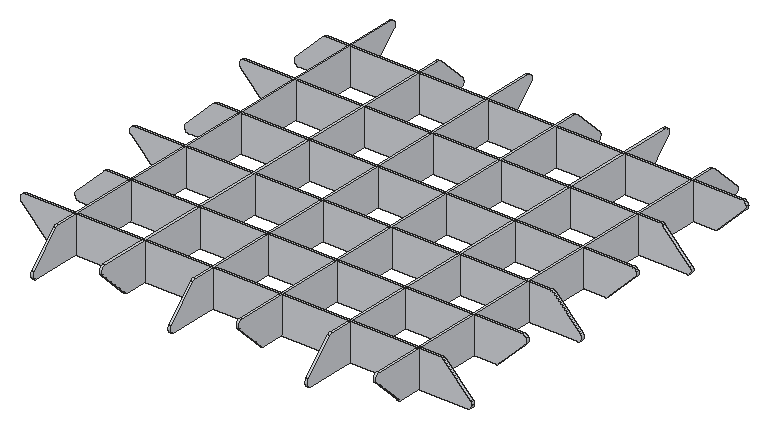
Revit family "J2 PET Felt Blade Cloud Grid B", category Specialty Equipment, Revit 2021
Family settings
  Round Connector Dimension = Use Diameter
  Part Type = Normal
  Work Plane-Based = No
  Always vertical = Yes
  Cut with Voids When Loaded = No
  Shared = No
  Room Calculation Point = No
Parameters (values of type "Blade Cloud Grid B - 8'x8'x8"")
  Nominal Width "Y" (Max. 8') = 8' - 0"
  URL = "https://www.j2systems.net/"
  Symbol Name = "CSCGBL-B"
  Style Number = "CSCGBL-B"
  Release Date = "2019"
  Product Line = "Ceiling System"
  Felt Color B [instance] = none
  Y2 [instance] = ((([Nominal Width "Y" (Max. 8')] - (Default End Spacing * 2)) / ([A Baffles in "Y" direction] * 2 - 1) + Default End Spacing))  # 2' - 2.175"
  X2 [instance] = ((([Nominal Length "X" (Max. 8')] - (Default End Spacing * 2)) / ([A Baffles in "X" direction] * 2 - 1) + Default End Spacing))  # 2' - 2.175"
  Default End Spacing = ([Baffle Height (Max. 3'-11")] * 1.5)  # 0' - 11 5/8"
  B Baffles in "Y" direction = [A Baffles in "Y" direction]  # 3
  A Baffles in "Y" direction = 3
  B Baffles in "X" direction = [A Baffles in "X" direction]  # 3
  A Baffles in "X" direction = 3
  Model = "Blade Cloud Grid B"
  Manufacturer = "J2 Systems"  # constant formula
  Nominal Length "X" (Max. 8') = 8' - 0"
  Felt Color A [instance] = none
  Default Elevation = 0' - 0"
  Baffle Spacing Y [instance] = 1' - 2.4"
  Baffle Spacing X [instance] = 1' - 2.4"
  Baffle Height (Max. 3'-11") = 0' - 7 3/4"
Types (2): name | Nominal Width "Y" (Max. 8') | Y2 | X2 | B Baffles in "Y" direction | A Baffles in "Y" direction | B Baffles in "X" direction | A Baffles in "X" direction | Nominal Length "X" (Max. 8') | Baffle Spacing Y | Baffle Spacing X
  Blade Cloud Grid B - 8'x8'x8" | 8' - 0" | 2' - 2.175" | 2' - 2.175" | 3 | 3 | 3 | 3 | 8' - 0" | 1' - 2.4" | 1' - 2.4"
  Blade Cloud Grid B - 6'x6'x8" | 6' - 0" | 2' - 3 7/8" | 2' - 3 7/8" | 2 | 2 | 2 | 2 | 6' - 0" | 1' - 0.6" | 1' - 0.6"
Reference planes (in)
  plane 1 "Center (Front/Back)": y = 0
  plane 2: z = 0
  plane 3 "Center (Left/Right)": x = 0
  plane 4: y = 48
  plane 5: y = -48
  plane 6: x = -48
  plane 7: x = 48
  plane 8 "Top Edge": z = 7.75
  plane 9: y = 36.375
  plane 10: y = -36.375
  plane 11 "Center L/S": z = 7
  plane 12: x = -36.375
  plane 13: x = 36.375
  plane 14: y = 21.825
  plane 15: y = -21.825
  plane 16: x = -21.825
  plane 17: x = 21.825
Dimensions and locks (in)
  equal spacing: plane 4, plane 1 "Center (Front/Back)", plane 5
  equal spacing: plane 6, plane 3 "Center (Left/Right)", plane 7
  "Nominal Length "X" (Max. 8')": plane 4 to plane 5
  "Nominal Width "Y" (Max. 8')": plane 6 to plane 7
  "Baffle Height (Max. 3'-11")": plane 8 "Top Edge" to level
  "Default End Spacing": plane 4 to plane 9
  "Default End Spacing": plane 10 to plane 5
  plane 8 "Top Edge" to plane 11 "Center L/S" = 0' - 0 3/4"
  "Default End Spacing": plane 6 to plane 12
  "Default End Spacing": plane 13 to plane 7
  "Y2": plane 6 to plane 16
  "Y2": plane 17 to plane 7
  "X2": plane 4 to plane 14
  "X2": plane 15 to plane 5
  equal spacing: group 1, group 9, group 2  (x3)
  equal spacing: group 3, group 10, group 4  (x3)
  equal spacing: group 5, group 11, group 6  (x3)
  equal spacing: group 7, group 12, group 8  (x3)
  aligned and locked: plane 2 to level
  aligned and locked: nested 1 to plane 10
  aligned and locked: nested 2 to plane 14
  aligned and locked: nested 3 to plane 15
  aligned and locked: nested 4 to plane 9
  aligned and locked: nested 5 to plane 12
  aligned and locked: nested 6 to plane 17
  aligned and locked: nested 7 to plane 16
  aligned and locked: nested 8 to plane 13
Nested families (in)
  nested 1: "J2 PET Felt Blade Baffle Single A1" at (0, -36.375, 0), type "Blade Baffle A1"
    with Baffle Length (Max. 7'-11") 8' - 0", Baffle Height (Max. 3'-11") 0' - 7 3/4"
  nested 2: "J2 PET Felt Blade Baffle Single A1" at (0, 21.825, 0), type "Blade Baffle A1"
    with Baffle Length (Max. 7'-11") 8' - 0", Baffle Height (Max. 3'-11") 0' - 7 3/4"
  nested 3: "J2 PET Felt Blade Baffle Single B1" at (0, -21.825, 0), type "Blade Baffle B1"
    with Baffle Length (Max. 7'-11") 8' - 0", Baffle Height (Max. 3'-11") 0' - 7 3/4"
  nested 4: "J2 PET Felt Blade Baffle Single B1" at (0, 36.375, 0), type "Blade Baffle B1"
    with Baffle Length (Max. 7'-11") 8' - 0", Baffle Height (Max. 3'-11") 0' - 7 3/4"
  nested 5: "J2 PET Felt Blade Baffle Single A2" at (-36.375, 0, 0) x (0, -1, 0) z (0, 0, 1), type "Blade Baffle A2"
    with Baffle Length (Max. 7'-11") 8' - 0", Baffle Height (Max. 3'-11") 0' - 7 3/4"
  nested 6: "J2 PET Felt Blade Baffle Single A2" at (21.825, 0, 0) x (0, -1, 0) z (0, 0, 1), type "Blade Baffle A2"
    with Baffle Length (Max. 7'-11") 8' - 0", Baffle Height (Max. 3'-11") 0' - 7 3/4"
  nested 7: "J2 PET Felt Blade Baffle Single B2" at (-21.825, 0, 0) x (0, -1, 0) z (0, 0, 1), type "Blade Baffle B2"
    with Baffle Length (Max. 7'-11") 8' - 0", Baffle Height (Max. 3'-11") 0' - 7 3/4"
  nested 8: "J2 PET Felt Blade Baffle Single B2" at (36.375, 0, 0) x (0, -1, 0) z (0, 0, 1), type "Blade Baffle B2"
    with Baffle Length (Max. 7'-11") 8' - 0", Baffle Height (Max. 3'-11") 0' - 7 3/4"
  nested 9: "J2 PET Felt Blade Baffle Single A1" at (0, -7.275, 0), type "Blade Baffle A1"
    with Baffle Length (Max. 7'-11") 8' - 0", Baffle Height (Max. 3'-11") 0' - 7 3/4"
  nested 10: "J2 PET Felt Blade Baffle Single B1" at (0, 7.275, 0), type "Blade Baffle B1"
    with Baffle Length (Max. 7'-11") 8' - 0", Baffle Height (Max. 3'-11") 0' - 7 3/4"
  nested 11: "J2 PET Felt Blade Baffle Single A2" at (-7.275, 0, 0) x (0, -1, 0) z (0, 0, 1), type "Blade Baffle A2"
    with Baffle Length (Max. 7'-11") 8' - 0", Baffle Height (Max. 3'-11") 0' - 7 3/4"
  nested 12: "J2 PET Felt Blade Baffle Single B2" at (7.275, 0, 0) x (0, -1, 0) z (0, 0, 1), type "Blade Baffle B2"
    with Baffle Length (Max. 7'-11") 8' - 0", Baffle Height (Max. 3'-11") 0' - 7 3/4"
Definition of nested family "J2 PET Felt Blade Baffle Single A1"
  Parameters (values of type "Blade Baffle A - 7'-11" x 11"")
    URL = "https://www.j2systems.net/"
    Symbol Name = "CSBGBL-A"
    Style Number = "CSBGBL-A"
    Release Date = "2019"
    Product Line = "Ceiling System"
    Model = "Blade Baffle Single - A"
    Manufacturer = "J2 Systems"  # constant formula
    Baffle Length (Max. 7'-11") = 7' - 11"
    Felt Color = none
    Default Elevation = 0' - 0"
    Baffle Height (Max. 3'-11") = 0' - 11"
  Reference planes (in)
    plane 1 "Center (Front/Back)": y = 0
    plane 2: z = 0
    plane 3 "Center (Left/Right)": x = 0
    plane 4: y = 0.25
    plane 5: y = -0.25
    plane 6: x = -47.5
    plane 7: x = 47.5
    plane 8: z = 11
  Forms (in)
    Extrusion 1, solid, material <- "Felt Color"
      sketch origin (0, 0, 0) x (1, 0, 0) y (0, 0, 1)
        loop
          arc (-46.5, 11) -> (-47.42388, 10.38268) -> (-47.20711, 9.29289) r 1
          line (-47.20711, 9.29289) -> (-38.20711, 0.29289)
          arc (-38.20711, 0.29289) -> (-37.88268, 0.07612) -> (-37.5, 0) r 1
          line (-37.5, 0) -> (46.5, 0)
          arc (46.5, 0) -> (47.42388, 0.61732) -> (47.20711, 1.70711) r 1
          line (47.20711, 1.70711) -> (38.20711, 10.70711)
          arc (38.20711, 10.70711) -> (37.88268, 10.92388) -> (37.5, 11) r 1
          line (37.5, 11) -> (-46.5, 11)
      from -0.25 to 0.25
  Dimensions and locks (in)
    equal spacing: plane 6, plane 3 "Center (Left/Right)", plane 7
    "Baffle Length (Max. 7'-11")": plane 6 to plane 7
    "Baffle Height (Max. 3'-11")": plane 8 to level
    radius of Extrusion 1 sketch curve = 0' - 1"
    aligned and locked: plane 2 to level
    aligned and locked: Extrusion 1 sketch curve to plane 8
    aligned and locked: level to Extrusion 1 sketch curve
  Automatic sketch dimensions
    Extrusion 1 sketch curve to plane 8 = 0' - 0.29289"
    Extrusion 1 sketch curve to plane 8 = 0' - 1"
    level to Extrusion 1 sketch curve = 0' - 1"  (x2)
    level to Extrusion 1 sketch curve = 0' - 0.29289"
    plane 6 to Extrusion 1 sketch curve = 0' - 1"
    Extrusion 1 sketch curve to Extrusion 1 sketch curve = 0' - 0.70711"
    Extrusion 1 sketch curve to plane 7 = 0' - 0.29289"
    Extrusion 1 sketch curve to plane 7 = 0' - 1"
Definition of nested family "J2 PET Felt Blade Baffle Single B1"
  Parameters (values of type "Blade Baffle B - 7'-11" x 11"")
    URL = "https://www.j2systems.net/"
    Symbol Name = "CSBGBL-B"
    Style Number = "CSBGBL-B"
    Release Date = "2019"
    Product Line = "Ceiling System"
    Model = "Blade Baffle Single - B"
    Manufacturer = "J2 Systems"  # constant formula
    Baffle Length (Max. 7'-11") = 7' - 11"
    Felt Color = none
    Default Elevation = 0' - 0"
    Baffle Height (Max. 3'-11") = 0' - 11"
  Reference planes (in)
    plane 1 "Center (Front/Back)": y = 0
    plane 2: z = 0
    plane 3 "Center (Left/Right)": x = 0
    plane 4: y = 0.25
    plane 5: y = -0.25
    plane 6: x = -47.5
    plane 7: x = 47.5
    plane 8: z = 11
  Forms (in)
    Extrusion 1, solid, material <- "Felt Color"
      sketch origin (0, 0, 0) x (1, 0, 0) y (0, 0, 1)
        loop
          arc (-37.5, 11) -> (-37.88268, 10.92388) -> (-38.20711, 10.70711) r 1
          line (-38.20711, 10.70711) -> (-47.20711, 1.70711)
          arc (-47.20711, 1.70711) -> (-47.42388, 0.61732) -> (-46.5, 0) r 1
          line (-46.5, 0) -> (37.5, 0)
          arc (37.5, 0) -> (37.88268, 0.07612) -> (38.20711, 0.29289) r 1
          line (38.20711, 0.29289) -> (47.20711, 9.29289)
          arc (47.20711, 9.29289) -> (47.42388, 10.38268) -> (46.5, 11) r 1
          line (46.5, 11) -> (-37.5, 11)
      from -0.25 to 0.25
  Dimensions and locks (in)
    equal spacing: plane 6, plane 3 "Center (Left/Right)", plane 7
    "Baffle Length (Max. 7'-11")": plane 6 to plane 7
    "Baffle Height (Max. 3'-11")": plane 8 to level
    aligned and locked: plane 2 to level
    aligned and locked: Extrusion 1 sketch curve to plane 8
    aligned and locked: level to Extrusion 1 sketch curve
  Automatic sketch dimensions
    level to Extrusion 1 sketch curve = 0' - 1.70711"
    plane 6 to Extrusion 1 sketch curve = 0' - 0.29289"
    level to Extrusion 1 sketch curve = 0' - 1"  (x2)
    Extrusion 1 sketch curve to plane 8 = 0' - 0.29289"
    Extrusion 1 sketch curve to Extrusion 1 sketch curve = 0' - 0.70711"  (x2)
    Extrusion 1 sketch curve to plane 7 = 0' - 1"
    Extrusion 1 sketch curve to plane 8 = 0' - 1.70711"
    level to Extrusion 1 sketch curve = 0' - 0.29289"
Definition of nested family "J2 PET Felt Blade Baffle Single A2"
  Parameters (values of type "Blade Baffle A - 7'-11" x 11"")
    URL = "https://www.j2systems.net/"
    Symbol Name = "CSBGBL-A"
    Style Number = "CSBGBL-A"
    Release Date = "2019"
    Product Line = "Ceiling System"
    Model = "Blade Baffle Single - A"
    Manufacturer = "J2 Systems"  # constant formula
    Baffle Length (Max. 7'-11") = 7' - 11"
    Felt Color = none
    Default Elevation = 0' - 0"
    Baffle Height (Max. 3'-11") = 0' - 11"
  Reference planes (in)
    plane 1 "Center (Front/Back)": y = 0
    plane 2: z = 0
    plane 3 "Center (Left/Right)": x = 0
    plane 4: y = 0.25
    plane 5: y = -0.25
    plane 6: x = -47.5
    plane 7: x = 47.5
    plane 8: z = 11
  Forms (in)
    Extrusion 1, solid, material <- "Felt Color"
      sketch origin (0, 0, 0) x (1, 0, 0) y (0, 0, 1)
        loop
          arc (-46.5, 11) -> (-47.42388, 10.38268) -> (-47.20711, 9.29289) r 1
          line (-47.20711, 9.29289) -> (-38.20711, 0.29289)
          arc (-38.20711, 0.29289) -> (-37.88268, 0.07612) -> (-37.5, 0) r 1
          line (-37.5, 0) -> (46.5, 0)
          arc (46.5, 0) -> (47.42388, 0.61732) -> (47.20711, 1.70711) r 1
          line (47.20711, 1.70711) -> (38.20711, 10.70711)
          arc (38.20711, 10.70711) -> (37.88268, 10.92388) -> (37.5, 11) r 1
          line (37.5, 11) -> (-46.5, 11)
      from -0.25 to 0.25
  Dimensions and locks (in)
    equal spacing: plane 6, plane 3 "Center (Left/Right)", plane 7
    "Baffle Length (Max. 7'-11")": plane 6 to plane 7
    "Baffle Height (Max. 3'-11")": plane 8 to level
    radius of Extrusion 1 sketch curve = 0' - 1"
    aligned and locked: plane 2 to level
    aligned and locked: Extrusion 1 sketch curve to plane 8
    aligned and locked: level to Extrusion 1 sketch curve
  Automatic sketch dimensions
    Extrusion 1 sketch curve to plane 8 = 0' - 0.29289"
    Extrusion 1 sketch curve to plane 8 = 0' - 1"
    level to Extrusion 1 sketch curve = 0' - 1"  (x2)
    level to Extrusion 1 sketch curve = 0' - 0.29289"
    plane 6 to Extrusion 1 sketch curve = 0' - 1"
    Extrusion 1 sketch curve to Extrusion 1 sketch curve = 0' - 0.70711"
    Extrusion 1 sketch curve to plane 7 = 0' - 0.29289"
    Extrusion 1 sketch curve to plane 7 = 0' - 1"
Definition of nested family "J2 PET Felt Blade Baffle Single B2"
  Parameters (values of type "Blade Baffle B - 7'-11" x 11"")
    URL = "https://www.j2systems.net/"
    Symbol Name = "CSBGBL-B"
    Style Number = "CSBGBL-B"
    Release Date = "2019"
    Product Line = "Ceiling System"
    Model = "Blade Baffle Single - B"
    Manufacturer = "J2 Systems"  # constant formula
    Baffle Length (Max. 7'-11") = 7' - 11"
    Felt Color = none
    Default Elevation = 0' - 0"
    Baffle Height (Max. 3'-11") = 0' - 11"
  Reference planes (in)
    plane 1 "Center (Front/Back)": y = 0
    plane 2: z = 0
    plane 3 "Center (Left/Right)": x = 0
    plane 4: y = 0.25
    plane 5: y = -0.25
    plane 6: x = -47.5
    plane 7: x = 47.5
    plane 8: z = 11
  Forms (in)
    Extrusion 1, solid, material <- "Felt Color"
      sketch origin (0, 0, 0) x (1, 0, 0) y (0, 0, 1)
        loop
          arc (-37.5, 11) -> (-37.88268, 10.92388) -> (-38.20711, 10.70711) r 1
          line (-38.20711, 10.70711) -> (-47.20711, 1.70711)
          arc (-47.20711, 1.70711) -> (-47.42388, 0.61732) -> (-46.5, 0) r 1
          line (-46.5, 0) -> (37.5, 0)
          arc (37.5, 0) -> (37.88268, 0.07612) -> (38.20711, 0.29289) r 1
          line (38.20711, 0.29289) -> (47.20711, 9.29289)
          arc (47.20711, 9.29289) -> (47.42388, 10.38268) -> (46.5, 11) r 1
          line (46.5, 11) -> (-37.5, 11)
      from -0.25 to 0.25
  Dimensions and locks (in)
    equal spacing: plane 6, plane 3 "Center (Left/Right)", plane 7
    "Baffle Length (Max. 7'-11")": plane 6 to plane 7
    "Baffle Height (Max. 3'-11")": plane 8 to level
    aligned and locked: plane 2 to level
    aligned and locked: Extrusion 1 sketch curve to plane 8
    aligned and locked: level to Extrusion 1 sketch curve
  Automatic sketch dimensions
    level to Extrusion 1 sketch curve = 0' - 1.70711"
    plane 6 to Extrusion 1 sketch curve = 0' - 0.29289"
    level to Extrusion 1 sketch curve = 0' - 1"  (x2)
    Extrusion 1 sketch curve to plane 8 = 0' - 0.29289"
    Extrusion 1 sketch curve to Extrusion 1 sketch curve = 0' - 0.70711"  (x2)
    Extrusion 1 sketch curve to plane 7 = 0' - 1"
    Extrusion 1 sketch curve to plane 8 = 0' - 1.70711"
    level to Extrusion 1 sketch curve = 0' - 0.29289"
